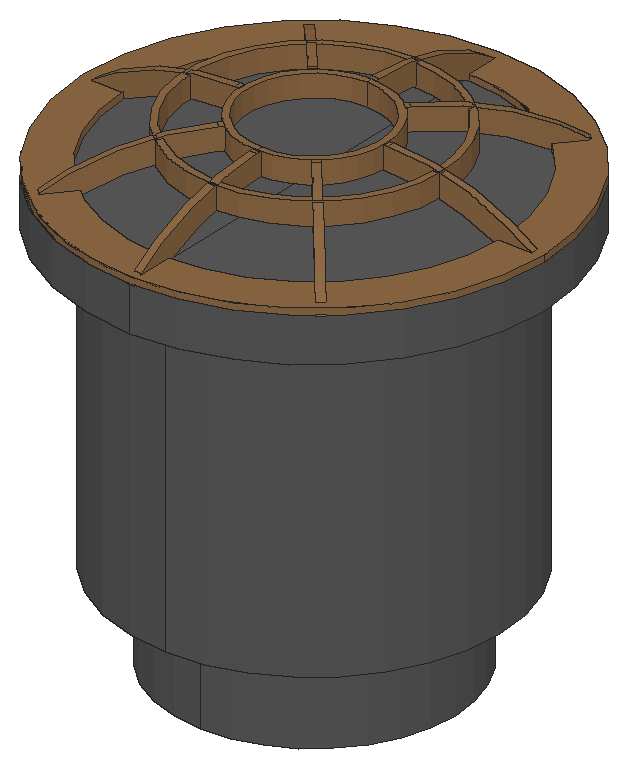
Revit family "LTV8RG", category Lighting Fixtures, host Face, Revit 2021
Family settings
  Host = Face
  Round Connector Dimension = Use Diameter
  Part Type = Normal
  OmniClass Number = 23.80.70.14.17
  OmniClass Title = Exterior Spotlights
  Cut with Voids When Loaded = No
  Light Source = Yes
  Shared = No
  Room Calculation Point = No
Parameters (values of type "LTV82RG")
  Wattage Comments = "14W, 23W & 44W"  # constant formula
  Wattage = 23 W
  Warranty = "5 Years Limited Warranty"  # constant formula
  built-in parameter 1150110 = 1 (stored number, unit not read)
  Voltage = 120 V
  URL = "https://www.currentlighting.com/kimlighting"
  built-in parameter 1114217 = 1 (stored number, unit not read)
  Tilt Angle = 90.00°
  built-in parameter 1150109 = 1 (stored number, unit not read)
  built-in parameter 1150134 = 3
  built-in parameter 1150113 = 1 (stored number, unit not read)
  Radius = Diameter / 2  # 5.1875"
  Product Page URL = ""
  Product Documentation Link = ""
  Power Factor = 1
  Photometric Web File = "ltv82rg-nf-18l4k.ies"
  Photometric Notes = "More IES files download on Photometric Web Link"  # constant formula
  Model = "Lightvault® LTV8DM Directional Marker"  # constant formula
  Manufacturer = "Kim Lighting"  # constant formula
  built-in parameter 1150105 = 49.418 (stored number, unit not read)
  Lumens = 621 lm
  built-in parameter 1150115 = 1 (stored number, unit not read)
  Load Classification = Lighting
  built-in parameter 1150137 = (empty or 0)
  built-in parameter 1150139 = (empty or 0)
  Lens = White Glass
  built-in parameter 1150112 = 1 (stored number, unit not read)
  built-in parameter 1150114 = 1 (stored number, unit not read)
  Lamp = "18 LEDs"
  built-in parameter 1150132 = (empty or 0)
  built-in parameter 1150102 = (empty or 0)
  built-in parameter 1150107 = 3200 (stored number, unit not read)
  built-in parameter 1150138 = (empty or 0)
  built-in parameter 1150106 = 0.49418 (stored number, unit not read)
  Housing Material = Powdercoat - Black
  Height = 9.875"
  Guard Finish = Powdercoat - Bronze
  Features = "■ Bluetooth connectivity for remote control\r\naiming, dimming, color changing\r\n■ Hardwired DMX connectivity for advanced\r\ncontrol (controller supplied by others)\r\n■ Free mobile App for Adroid and iOS\r\n■ IP68 sealed light engine\r"  # constant formula
  Emit from Circle Diameter = Diameter - 1.000"  # 9.375"
  Emit Shape Visible in Rendering = no
  built-in parameter 1150104 = 2.5084 (stored number, unit not read)
  Dimming Lamp Color Temperature Shift = <None>
  Diameter = 10.375"
  Description = "Sealed Light Engine with Bluetooth® Connectivity"  # constant formula
  Default Elevation = 48.000"
  Cover = LTV82RG : LTV82RG
  Color Filter = 16777215
  Certification = "■ UL 1598 Standard for Luminaires.\r\n■ UL 8750 Standard for Safety for Light\r\nEmitting Diode (LED) Equipment for use\r\nin Lighting Products. "  # constant formula
  built-in parameter 1114218 = 1 (stored number, unit not read)
  built-in parameter 1150133 = 10 (stored number, unit not read)
  Apparent Load = 0 VA
Types (2): name | Wattage | Radius | Photometric Web File | built-in parameter 1150105 | Lumens | Lamp | built-in parameter 1150106 | Height | Emit from Circle Diameter | built-in parameter 1150104 | Diameter | Cover
  LTV82RG | 23 W | 5.1875" | "ltv82rg-nf-18l4k.ies" | 49.418 (stored number, unit not read) | 621 lm | "18 LEDs" | 0.49418 (stored number, unit not read) | 9.875" | 9.375" | 2.5084 (stored number, unit not read) | 10.375" | LTV82RG : LTV82RG
  LTV81RG | 44 W | 6.500" | "ltv81rg-sp-36l3k.ies" | 134 (stored number, unit not read) | 1683.88 lm | "36 LEDs" | 1.34 (stored number, unit not read) | 10.000" | 12.000" | 3.5554 (stored number, unit not read) | 13.000" | LTV81RG : LTV81RG
Reference planes (in)
  plane 1 "Center (Front/Back)": y = 0
  plane 2: z = 0
  plane 3 "Center (Left/Right)": x = 0
  plane 4: y = 5.1875
  plane 5: y = -5.1875
  plane 6: x = -5.1875
  plane 7: x = 5.1875
  plane 8: z = 0
  plane 9: y = -4.1875
  plane 10: z = -9.875
  plane 11: z = -1
  plane 12: y = -3.1875
  plane 13: z = -7.875
Forms (in)
  Extrusion 1, void
    sketch origin (0, 0, 0) x (1, 0, 0) y (0, 1, 0)
      loop
        circle (0, 0) r 5.1875
    from 0 to -10
  Revolve 2, solid, material "Powdercoat - Black" <- "Housing Material"
    sketch origin (0, 0, 0) x (0, 1, 0) y (0, 0, 1)
      loop
        line (0, 0) -> (-5.1875, 0) -> (-5.1875, -1) -> (-4.1875, -1) -> (-4.1875, -7.875) -> (-3.1875, -7.875) -> (-3.1875, -9.875) -> (0, -9.875) -> (0, 0)
      axis (0, 0) -> (0, -9.875)
    angle from 0 to 360
Lines and regions (in)
  symbolic lines
    curve 1: circle (0, 0, 0) r 5.1875 normal (0, 0, 1)
Dimensions and locks (in)
  equal spacing: plane 6, plane 3 "Center (Left/Right)", plane 7
  equal spacing: plane 4, plane 1 "Center (Front/Back)", plane 5
  plane 8 to plane 11 = 1.000"
  locked: plane 9 to plane 5 at 1
  locked: plane 12 to plane 9 at 1
  "Diameter": plane 4 to plane 5
  "Diameter": plane 6 to plane 7
  locked: level to plane 11 at 1
  "Height": level to plane 10
  locked: plane 13 to plane 10 at 2
  "Radius": radius of curve 1
  "Radius": radius of Extrusion 1 sketch curve
  aligned and locked: plane 2 to host face
  aligned and locked: level to host face
  aligned and locked: plane 3 "Center (Left/Right)" to Extrusion 1 sketch curve
  aligned and locked: plane 1 "Center (Front/Back)" to Extrusion 1 sketch curve
  aligned and locked: level to Extrusion 1
  aligned and locked: plane 5 to Revolve 2 sketch curve
  aligned and locked: plane 11 to Revolve 2 sketch curve
  aligned and locked: Revolve 2 sketch curve to level
  aligned and locked: plane 9 to Revolve 2 sketch curve
  aligned and locked: plane 12 to Revolve 2 sketch curve
  aligned and locked: plane 10 to Revolve 2 sketch curve
  aligned and locked: plane 1 "Center (Front/Back)" to Revolve 2 sketch curve
  aligned and locked: plane 13 to Revolve 2 sketch curve
  aligned and locked: plane 3 "Center (Left/Right)" to nested 1
  aligned and locked: plane 1 "Center (Front/Back)" to nested 1
Automatic sketch dimensions
  host sketch curve to host sketch curve = 96.000"  (x2)
  Revolve 2 sketch curve to plane 1 "Center (Front/Back)" = 0.000"
  Revolve 2 sketch curve to Revolve 2 sketch curve = 4.85416"
  Revolve 2 sketch curve to Revolve 2 sketch curve = 1.89584"
  plane 1 "Center (Front/Back)" to curve 1 = 0.000"
  curve 1 to plane 3 "Center (Left/Right)" = 0.000"
Nested families (in)
  nested 1: "LTV82RG" at (0, 0, 0), type <- "Cover", Lens <- "Lens", Finish <- "Guard Finish", type "LTV82RG"
    with Lens White Glass, Finish Powdercoat - Bronze
Connectors (in)
  electrical at (0, 0, 0), driven by "Voltage", driven by "Load Classification", driven by "Apparent Load", driven by "Power Factor"
    settings: on host face, index 1, voltage 120 V, apparent load 0 VA, apparent load phase1 0 VA, apparent load phase2 0 VA, apparent load phase3 0 VA, power factor 1, load classification "Lighting", number of poles 1, system type 30, power factor state 1, is connector primary yes, connector utility no, sub classification motor no, connector description "Lighting Connector"
Definition of nested family "LTV82RG"
  Parameters
    URL = "http://www.kimlighting.com/"
    Product Page URL = ""
    Product Documentation Link = ""
    Model = "LTV82RG"
    Manufacturer Phone = "626/968-5666"  # constant formula
    Manufacturer Fax = "626/968-5716"  # constant formula
    Manufacturer = "Kim Lighting"  # constant formula
    Lens [instance] = none
    Height = 0.875"
    Finish [instance] = none
    Diameter = 10.375"
    Depth = 8.250"
    Default Elevation = 48.000"
  Reference planes (in)
    plane 1 "Center (Front/Back)": y = 0
    plane 2: z = 0
    plane 3 "Center (Left/Right)": x = 0
    plane 4: y = 5.1875
    plane 5: y = -5.1875
    plane 6: z = 0.875
    plane 7: z = 0.375
    plane 8: x = -5.1875
    plane 9: x = 5.1875
    plane 10: z = 1.14173
  Forms (in)
    Revolve 1, solid, material <- "Finish"
      sketch origin (0, 0, 0) x (0, 1, 0) y (0, 0, 1)
        loop
          line (-1.48722, 1.14173) -> (-1.63269, 1.14173) -> (-1.63269, 0.64393) -> (-1.48722, 0.64393) -> (-1.48722, 1.14173)
        loop
          line (-2.75446, 1.01936) -> (-2.89994, 1.01936) -> (-2.89994, 0.51607) -> (-2.75446, 0.51607) -> (-2.75446, 1.01936)
        axis (0, 1.14173) -> (0, 0.51607)
      angle from 0 to 360
    Extrusion 2, solid, material <- "Finish"
      sketch origin (0, 0, 0) x (1, 0, 0) y (0, 1, 0)
        loop
          circle (0, 0) r 4.25
        loop
          circle (0, 0) r 5.18751
      from 0.14129 to 0
    Sweep 3, solid, material <- "Finish"
      path origin (0, 0, 0) x (0, 1, 0) y (0, 0, 1)
        loop
          line (-1.63269, 1.14173) -> (-1.7254, 1.14173)
          arc (-1.7254, 1.14173) -> (-3.54815, 0.84893) -> (-5.1875, 0) r 5.81996
      profile origin (0, -1.67905, 1.14173) x (0, 0, -1) y (1, 0, 0)
        loop
          line (0, 0.09053) -> (0, -0.0756) -> (0.5, -0.0756) -> (0.5, 0.09053) -> (0, 0.09053)
    Sweep 4, solid, material <- "Finish"
      path origin (0, 0, 0) x (0, -1, 0) y (0, 0, 1)
        loop
          line (-1.63269, 1.14173) -> (-1.7254, 1.14173)
          arc (-1.7254, 1.14173) -> (-3.54815, 0.84893) -> (-5.1875, 0) r 5.81996
      profile origin (0, 1.67905, 1.14173) x (0, 0, 1) y (1, 0, 0)
        loop
          line (0, 0.09053) -> (-0.5, 0.09053) -> (-0.5, -0.0756) -> (0, -0.0756) -> (0, 0.09053)
    Sweep 5, solid, material <- "Finish"
      path origin (0, 0, 0) x (1, 0, 0) y (0, 0, 1)
        loop
          line (-1.63269, 1.14173) -> (-1.7254, 1.14173)
          arc (-1.7254, 1.14173) -> (-3.54815, 0.84893) -> (-5.1875, 0) r 5.81996
      profile origin (-1.67905, 0, 1.14173) x (0, 0, -1) y (0, -1, 0)
        loop
          line (0, 0.09053) -> (0, -0.0756) -> (0.5, -0.0756) -> (0.5, 0.09053) -> (0, 0.09053)
    Sweep 6, solid, material <- "Finish"
      path origin (0, 0, 0) x (-1, 0, 0) y (0, 0, -1)
        loop
          line (-1.63269, -1.14173) -> (-1.7254, -1.14173)
          arc (-1.7254, -1.14173) -> (-3.54815, -0.84893) -> (-5.1875, 0) r 5.81996
      profile origin (1.67905, 0, 1.14173) x (0, 0, 1) y (0, -1, 0)
        loop
          line (0, 0.09053) -> (-0.5, 0.09053) -> (-0.5, -0.0756) -> (0, -0.0756) -> (0, 0.09053)
    Sweep 7, solid, material <- "Finish"
      path origin (0, 0, 0) x (0.642788, 0.766044, 0) y (0, 0, 1)
        loop
          line (-1.63269, 1.14173) -> (-1.7254, 1.14173)
          arc (-1.7254, 1.14173) -> (-3.54815, 0.84893) -> (-5.1875, 0) r 5.81996
      profile origin (-1.07927, -1.28623, 1.14173) x (0, 0, -1) y (0.766044, -0.642788, 0)
        loop
          line (0, 0.09053) -> (0, -0.0756) -> (0.5, -0.0756) -> (0.5, 0.09053) -> (0, 0.09053)
    Sweep 8, solid, material <- "Finish"
      path origin (0, 0, 0) x (-0.642788, 0.766044, 0) y (0, 0, -1)
        loop
          line (-1.63269, -1.14173) -> (-1.7254, -1.14173)
          arc (-1.7254, -1.14173) -> (-3.54815, -0.84893) -> (-5.1875, 0) r 5.81996
      profile origin (1.07927, -1.28623, 1.14173) x (0, 0, 1) y (-0.766044, -0.642788, 0)
        loop
          line (0, 0.09053) -> (-0.5, 0.09053) -> (-0.5, -0.0756) -> (0, -0.0756) -> (0, 0.09053)
    Sweep 9, solid, material <- "Finish"
      path origin (0, 0, 0) x (0.642788, -0.766044, 0) y (0, 0, -1)
        loop
          line (-1.63269, -1.14173) -> (-1.7254, -1.14173)
          arc (-1.7254, -1.14173) -> (-3.54815, -0.84893) -> (-5.1875, 0) r 5.81996
      profile origin (-1.07927, 1.28623, 1.14173) x (0, 0, 1) y (0.766044, 0.642788, 0)
        loop
          line (0, 0.09053) -> (-0.5, 0.09053) -> (-0.5, -0.0756) -> (0, -0.0756) -> (0, 0.09053)
    Sweep 10, solid, material <- "Finish"
      path origin (0, 0, 0) x (-0.642788, -0.766044, 0) y (0, 0, 1)
        loop
          line (-1.63269, 1.14173) -> (-1.7254, 1.14173)
          arc (-1.7254, 1.14173) -> (-3.54815, 0.84893) -> (-5.1875, 0) r 5.81996
      profile origin (1.07927, 1.28623, 1.14173) x (0, 0, -1) y (-0.766044, 0.642788, 0)
        loop
          line (0, 0.09053) -> (0, -0.0756) -> (0.5, -0.0756) -> (0.5, 0.09053) -> (0, 0.09053)
    Extrusion 11, void
      sketch origin (0, 0, 0) x (1, 0, 0) y (0, 1, 0)
        loop
          circle (0, 0) r 5.25
      from -0.53373 to 0
  Cuts and joins
    Extrusion 11 cuts Revolve 1
    Extrusion 11 cuts Extrusion 2
    Extrusion 11 cuts Sweep 3
    Extrusion 11 cuts Sweep 4
    Extrusion 11 cuts Sweep 5
    Extrusion 11 cuts Sweep 6
    Extrusion 11 cuts Sweep 7
    Extrusion 11 cuts Sweep 8
    Extrusion 11 cuts Sweep 9
    Extrusion 11 cuts Sweep 10
  Dimensions and locks (in)
    equal spacing: plane 4, plane 1 "Center (Front/Back)", plane 5  (x2)
    locked: plane 6 to plane 7 at 0.5
    "Diameter": plane 5 to plane 4
    equal spacing: plane 8, plane 3 "Center (Left/Right)", plane 9
    "Diameter": plane 8 to plane 9
    plane 10 to level = 1.14173"
    aligned and locked: plane 2 to level
    aligned and locked: plane 1 "Center (Front/Back)" to Revolve 1 sketch curve
    aligned and locked: Extrusion 2 to level
  Automatic sketch dimensions
    Revolve 1 sketch curve to plane 10 = 0.000"
    Revolve 1 sketch curve to plane 6 = 0.23107"
    plane 1 "Center (Front/Back)" to Revolve 1 sketch curve = 1.48722"
    Revolve 1 sketch curve to Revolve 1 sketch curve = 0.14548"  (x2)
    Revolve 1 sketch curve to plane 10 = 0.12237"
    Revolve 1 sketch curve to Revolve 1 sketch curve = 1.12177"
    plane 7 to Revolve 1 sketch curve = 0.14107"
    Revolve 1 sketch curve to level = 22.250"
    plane 10 to Revolve 1 sketch curve = 90.25667"
    Extrusion 2 sketch curve to Extrusion 2 sketch curve = 0.000"  (x2)
    plane 1 "Center (Front/Back)" to Extrusion 2 sketch curve = 0.000"
    Extrusion 2 sketch curve to plane 3 "Center (Left/Right)" = 0.000"
    Sweep 3 sketch curve to level = 0.000"
    Sweep 3 sketch curve to plane 5 = 0.000"
    Sweep 3 sketch curve to plane 10 = 0.000"
    plane 1 "Center (Front/Back)" to Sweep 3 sketch curve = 1.7254"
    Sweep 3 sketch curve to Sweep 3 sketch curve = 0.09271"
    Sweep 3 sketch curve to profile plane = 0.000"
    plane 3 "Center (Left/Right)" to Sweep 3 sketch curve = 0.09053"
    Sweep 3 sketch curve to profile plane = 0.500"
    Sweep 3 sketch curve to plane 3 "Center (Left/Right)" = 0.0756"
    Sweep 4 sketch curve to level = 0.000"
    Sweep 4 sketch curve to plane 4 = 0.000"
    Sweep 4 sketch curve to plane 10 = 0.000"
    plane 1 "Center (Front/Back)" to Sweep 4 sketch curve = 1.7254"
    Sweep 4 sketch curve to Sweep 4 sketch curve = 0.09271"
    Sweep 4 sketch curve to profile plane = 0.000"
    Sweep 4 sketch curve to plane 3 "Center (Left/Right)" = 0.0756"
    profile plane to Sweep 4 sketch curve = 0.500"
    plane 3 "Center (Left/Right)" to Sweep 4 sketch curve = 0.09053"
    Sweep 5 sketch curve to level = 0.000"
    Sweep 5 sketch curve to plane 8 = 0.000"
    Sweep 5 sketch curve to plane 10 = 0.000"
    Sweep 5 sketch curve to plane 3 "Center (Left/Right)" = 1.7254"
    Sweep 5 sketch curve to Sweep 5 sketch curve = 0.09271"
    Sweep 5 sketch curve to profile plane = 0.000"
    profile plane to Sweep 5 sketch curve = 0.09053"
    Sweep 5 sketch curve to Sweep 5 sketch curve = 0.500"
    Sweep 5 sketch curve to profile plane = 0.0756"
    Sweep 6 sketch curve to level = 0.000"
    Sweep 6 sketch curve to plane 9 = 0.000"
    Sweep 6 sketch curve to plane 10 = 0.000"
    plane 3 "Center (Left/Right)" to Sweep 6 sketch curve = 1.7254"
    Sweep 6 sketch curve to Sweep 6 sketch curve = 0.09271"
    profile plane to Sweep 6 sketch curve = 0.000"
    Sweep 6 sketch curve to profile plane = 0.0756"
    profile plane to Sweep 6 sketch curve = 0.500"
    profile plane to Sweep 6 sketch curve = 0.09053"
    Sweep 7 sketch curve to level = 0.000"
    Sweep 7 sketch curve to plane 10 = 0.000"
    Sweep 7 sketch curve to level = 4.67823"
    Sweep 7 sketch curve to Sweep 7 sketch curve = 0.09271"
    Sweep 7 sketch curve to profile plane = 0.000"
    profile plane to Sweep 7 sketch curve = 0.09053"
    Sweep 7 sketch curve to Sweep 7 sketch curve = 0.500"
    Sweep 7 sketch curve to profile plane = 0.0756"
    Sweep 8 sketch curve to level = 0.000"
    Sweep 8 sketch curve to plane 10 = 0.000"
    Sweep 8 sketch curve to level = 4.67823"
    Sweep 8 sketch curve to Sweep 8 sketch curve = 0.09271"
    profile plane to Sweep 8 sketch curve = 0.000"
    Sweep 8 sketch curve to profile plane = 0.0756"
    profile plane to Sweep 8 sketch curve = 0.500"
    profile plane to Sweep 8 sketch curve = 0.09053"
    level to Sweep 9 sketch curve = 0.000"
    plane 10 to Sweep 9 sketch curve = 0.000"
    Sweep 9 sketch curve to level = 4.67823"
    Sweep 9 sketch curve to Sweep 9 sketch curve = 0.09271"
    Sweep 9 sketch curve to profile plane = 0.000"
    Sweep 9 sketch curve to profile plane = 0.0756"
    Sweep 9 sketch curve to Sweep 9 sketch curve = 0.500"
    profile plane to Sweep 9 sketch curve = 0.09053"
    level to Sweep 10 sketch curve = 0.000"
    plane 10 to Sweep 10 sketch curve = 0.000"
    Sweep 10 sketch curve to level = 4.67823"
    Sweep 10 sketch curve to Sweep 10 sketch curve = 0.09271"
    profile plane to Sweep 10 sketch curve = 0.000"
    profile plane to Sweep 10 sketch curve = 0.09053"
    Sweep 10 sketch curve to Sweep 10 sketch curve = 0.500"
    Sweep 10 sketch curve to profile plane = 0.0756"
    plane 1 "Center (Front/Back)" to Extrusion 11 sketch curve = 0.000"
    Extrusion 11 sketch curve to plane 3 "Center (Left/Right)" = 0.000"
    radius of Extrusion 2 sketch curve = 4.250"
    radius of Extrusion 2 sketch curve = 5.18751"
    radius of Extrusion 11 sketch curve = 5.250"
